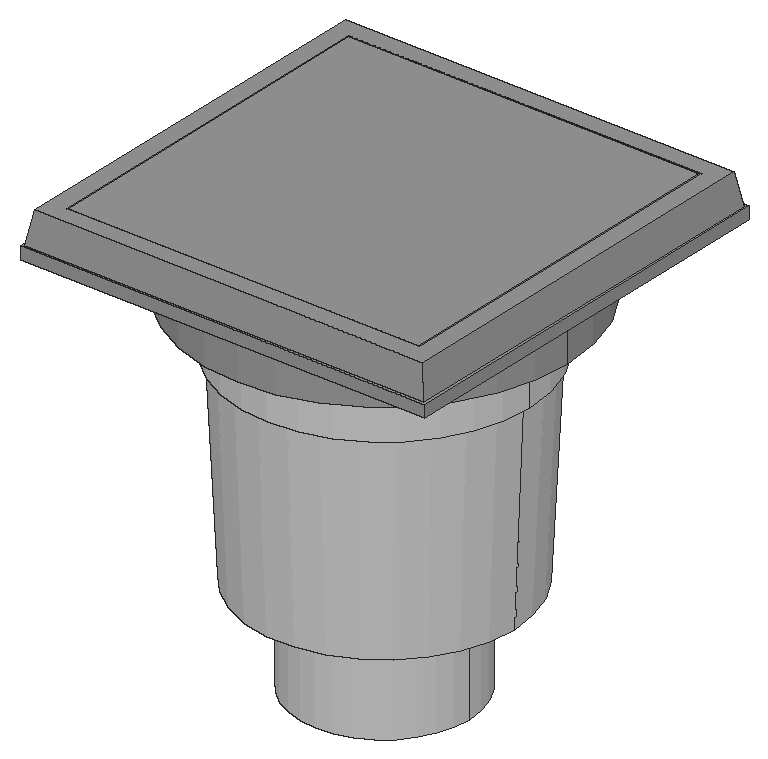
Revit family "HL_Дворовый трап серии Perfekt_HL606.1W", category Instalační zařizovací předměty, Revit 2016
Family settings
  Typ součásti = Normální
  Kóta kulaté spojky = Použít průměr
  Číslo OmniClass = 23.70.50.21.24.14
  Nadpis OmniClass = Deck Waste Water Drains
  Založené na pracovní rovině = Ne
  Vždy vertikální = Ano
  Ořezat dutým tvarem při načtení = Ne
  Sdílené = Ne
  Bod výpočtu místnosti = Ano
Parameters (values of type "HL_Дворовый трап серии Perfekt_HL606.1W_1")
  РЕШЁТКА = "Gusseisen 226 x 226 mm"
  РАЗМЕР = "DN110"
  ПРОПУСКНАЯ СПОСОБНОСТЬ [instance] = 0.0 L/s
  ПРОИЗВОДИТЕЛЬНОСТЬ = "2,1 l/s"
  ПРАВОВАЯ ИНФОРМАЦИЯ = "\"Авторские права(©), права на дизайн или какие либо другие права интелектуальной собственности являются исключительной собственностью компании HL Hutterer & Lechner. Изменению не подлежит. Файл семейства с данными о прозводителе изделия защищен паролем с водяным знаком.\""
  НОМИНАЛЬНЫЙ ДИАМЕТР = 110 mm
  НАСАДКА = "260 x 260 mm Guss"
  МАТЕРИАЛ = "PP"
  МАКСИМАЛЬНАЯ НАГРУЗКА КЛАССА = "M - 12,5 t"
  ВЫСОТА МОНТАЖА = "221 mm"
  ВЕС = "11,861 kg"
  Výrobce = "HL Hutterer & Lechner GmbH"
  URL = "http://www.hutterer-lechner.com/ru/products/catalog/roof-drains/HL606.1W/1.aspx"
  Материал плитка [instance] = none
  Připojení ventilace = no
  Připojení odpadu = yes
  Připojení HW = no
  Připojení CW = no
  Popis = "Дворовый трап серии Perfekt DN110 вертикальный"
  Model = "HL606.1W/1"
  Assembly Code = " "
  Komentáře k typům = "Дворовый трап серии Perfekt DN110 вертикальный 260х260мм/226х226мм чугун с водяным затвором."
  Keynote = "HL606.1W/1"
  IH [instance] = Высота монтажа 1 + Высота монтажа 2  # 0 mm
  Высота монтажа 2 [instance] = 0 mm
  Высота монтажа 1 [instance] = 0 mm
  G [instance] = 180.00°  # constant formula
  EAN = "9003076011193"
  D [instance] = IH + if(НОМИНАЛЬНЫЙ ДИАМЕТР = 160 mm, 190 mm, 185 mm)  # 185 mm
  C [instance] = if(IH - 68 mm < 0 mm, 0 mm, IH - 68 mm)  # 0 mm
  B [instance] = 100 mm
  A [instance] = if(B - 100 mm > 15 mm, B - 100 mm, 15 mm)  # 15 mm
Types (3, lengths in mm): name | РАЗМЕР | НОМИНАЛЬНЫЙ ДИАМЕТР | ВЕС | URL | Popis | Model | Komentáře k typům | Keynote | EAN | D
  (no name) | "DN110" | 110 | "11,861 kg" | "http://www.hutterer-lechner.com/ru/products/catalog/roof-drains/HL606.1W/1.aspx" | "Дворовый трап серии Perfekt DN110 вертикальный" | "HL606.1W/1" | "Дворовый трап серии Perfekt DN110 вертикальный 260х260мм/226х226мм чугун с водяным затвором." | "HL606.1W/1" | "9003076011193" | 185
  HL_Дворовый трап серии Perfekt_HL606.1W_1 | "DN110" | 110 | "11,861 kg" | "http://www.hutterer-lechner.com/ru/products/catalog/roof-drains/HL606.1W/1.aspx" | "Дворовый трап серии Perfekt DN110 вертикальный" | "HL606.1W/1" | "Дворовый трап серии Perfekt DN110 вертикальный 260х260мм/226х226мм чугун с водяным затвором." | "HL606.1W/1" | "9003076011193" | 185
  HL_Дворовый трап серии Perfekt_HL606.1W_5 | "DN160" | 160 | "11,867 kg" | "http://www.hutterer-lechner.com/ru/products/catalog/roof-drains/HL606.1W/5.aspx" | "Дворовый трап серии Perfekt DN160 вертикальный" | "HL606.1W/5" | "Дворовый трап серии Perfekt DN160 вертикальный 260х260мм/226х226мм чугун с водяным затвором." | "HL606.1W/5" | "9003076011179" | 190
Reference planes
  plane 1 "Center (Front/Back)": y = 0
  plane 2: z = 0
  plane 3 "Center (Left/Right)": x = 0
  plane 4: z = -100
  plane 5: z = 0
  plane 6: z = 0
Lines and regions (mm)
  model lines, style "InvisibleLines"
    curve 1: line (0, 0, 0) -> (0, 0, 20)
  model lines, style "PlumbingFixtures", detail levels coarse+medium
    curve 2: line (0, 0, -100) -> (0, 0, -85)
    curve 3: line (0, 0, -85) -> (-85, 0, 0)
    curve 4: line (0, 0, -85) -> (85, 0, 0)
    curve 6: line (0, 0, -100) -> (0, 0, -285)
  reference lines, not visible
    curve 5: line (0, 0, -100) -> (0, 0, -285)
  symbolic lines, style "PlumbingFixtures", detail levels coarse+medium
    curve 7: line (-75, 75, 0) -> (75, 75, 0)
    curve 8: line (-75, -75, 0) -> (-75, 75, 0)
    curve 9: line (75, -75, 0) -> (-75, -75, 0)
    curve 10: line (75, 75, 0) -> (75, -75, 0)
    curve 11: line (-75, 75, 0) -> (-145.711, 145.711, 0)
    curve 12: line (75, 75, 0) -> (145.711, 145.711, 0)
    curve 13: line (-75, -75, 0) -> (-145.711, -145.711, 0)
    curve 14: line (75, -75, 0) -> (145.711, -145.711, 0)
  symbolic lines, style "PlumbingFixtures", not visible, detail levels coarse+medium
    curve 15: line (-75, 75, 0) -> (75, 75, 0)
    curve 16: line (-75, -75, 0) -> (-75, 75, 0)
    curve 17: line (75, -75, 0) -> (-75, -75, 0)
    curve 18: line (75, 75, 0) -> (75, -75, 0)
    curve 19: line (-75, 75, 0) -> (-145.711, 145.711, 0)
    curve 20: line (75, 75, 0) -> (145.711, 145.711, 0)
    curve 21: line (-75, -75, 0) -> (-145.711, -145.711, 0)
    curve 22: line (75, -75, 0) -> (145.711, -145.711, 0)
Text (mm)
  text "FLOOR" at (-162.344, 0, -10.979), in view "Слева"
Dimensions and locks
  "B": plane 2 to plane 4
  "IH": plane 2 to plane 5
  "A": curve 4 to plane 4
  "D": curve 5 to curve 5
  "D": curve 6 to curve 6
  "Высота монтажа 1": plane 2 to plane 6
  locked: curve 4 to plane 3 "Center (Left/Right)" (angle 45.00°)
  locked: plane 3 "Center (Left/Right)" to curve 3 (angle 45.00°)
  "G": angle curve 5 to plane 3 "Center (Left/Right)"
  aligned and locked: level to plane 2
  aligned and locked: plane 2 to curve 4
  aligned and locked: plane 2 to curve 3
  aligned and locked: plane 4 to curve 5
  aligned and locked: plane 3 "Center (Left/Right)" to curve 5
  aligned and locked: plane 4 to curve 2
  aligned and locked: plane 3 "Center (Left/Right)" to curve 6
  aligned and locked: plane 4 to curve 6
  aligned and locked: nested 1 to plane 3 "Center (Left/Right)"
  aligned and locked: plane 5 to nested 1
  aligned and locked: plane 3 "Center (Left/Right)" to nested 2
  aligned and locked: plane 2 to nested 2
  aligned and locked: plane 3 "Center (Left/Right)" to nested 3
  aligned and locked: nested 1 to nested 3
  aligned and locked: plane 3 "Center (Left/Right)" to nested 4
  aligned and locked: nested 1 to nested 4
Automatic sketch dimensions
  curve 2 to plane 3 "Center (Left/Right)" = 0 mm
  curve 1 to plane 3 "Center (Left/Right)" = 0 mm
  curve 1 to level = 0 mm
  curve 1 to curve 1 = 20 mm
Nested families
  nested 1: "HL-кровельные воронки - корпус-HL606.1K" at (0, 0, 0), type "HL-кровельные воронки - корпус-HL606.1K_1"
  nested 2: "HL-Решетка для сливного отверстия-HL0606.1E" at (0, 0, 0), type "HL-Решетка для сливного отверстия-HL0606.1E"
  nested 3: "HL-Песколовка-HL0606.2E" at (0, 0, -19.999), type "HL-Песколовка-HL0606.2E"
  nested 4: "HL-Вкладыш запахозапирающий-HL0605.2E" at (0, 0, -88), type "HL-Вкладыш запахозапирающий-HL0605.2E"
Connectors
  piping at (0, 0, -285), diameter 110, driven by "ПРОПУСКНАЯ СПОСОБНОСТЬ", driven by "НОМИНАЛЬНЫЙ ДИАМЕТР"
    settings: on curve 5, index 1, connector inside diameter 609.6 mm, connector length 0 mm, flow factor 0, pipe flow 0.0 L/s, pressure drop 0.0 Pa, fitting loss kfactor 0, connector angle 0.00°, fixture units 0, engagement length 0 mm, angle of deflection 0.00°, flow configuration 1, flow direction 2, fitting loss method 0, system type 16, joint type 0, gender type 0, connector reference index -1, connector utility 0, adjustable connector yes, is connector primary yes, connector description ""
Definition of nested family "HL-кровельные воронки - корпус-HL606.1K"
  Parameters (values of type "HL-кровельные воронки - корпус-HL606.1K_1")
    РАЗМЕР = "DN110"
    ПРАВОВАЯ ИНФОРМАЦИЯ = "\"Авторские права(©), права на дизайн или какие либо другие права интелектуальной собственности являются исключительной собственностью компании HL Hutterer & Lechner. Изменению не подлежит. Файл семейства с данными о прозводителе изделия защищен паролем с водяным знаком.\""
    НОМИНАЛЬНЫЙ ДИАМЕТР = 110 mm
    НАСАДКА = "260 x 260 mm Guss"
    МАТЕРИАЛ = "PP"
    ВЫСОТА МОНТАЖА = "221 mm"
    ВЕС = "6,39 kg"
    a = if(НОМИНАЛЬНЫЙ ДИАМЕТР = 110 mm, 62 mm, if(НОМИНАЛЬНЫЙ ДИАМЕТР = 160 mm, 67 mm, 0 mm))  # 62 mm
    Height = 0 mm
    Manufacturer = "HL Hutterer & Lechner GmbH"
    URL = "http://www.hutterer-lechner.com/ru/products/catalog/roof-drains/HL606.1K/1.aspx"
    Description = "Дворовый трап серии Perfekt DN110 вертикальный"
    ND = НОМИНАЛЬНЫЙ ДИАМЕТР / 2  # 55 mm
    Model = "HL606.1K/1"
    материал 2 = none
    материал = none
    Type Comments = "Корпус дворового трапа DN110 вертикальный 260х260мм чугун"
    Keynote = "HL606.1K/1"
    EAN = "9003076012824"
    Cost = 0
  Types (3, lengths in mm): name | РАЗМЕР | ВЕС | URL | Description | Model | Type Comments | Keynote | EAN
    (no name) | "" | "" | "" | "" | "" | "" | "" | ""
    HL-кровельные воронки - корпус-HL606.1K_1 | "DN110" | "6,39 kg" | "http://www.hutterer-lechner.com/ru/products/catalog/roof-drains/HL606.1K/1.aspx" | "Дворовый трап серии Perfekt DN110 вертикальный" | "HL606.1K/1" | "Корпус дворового трапа DN110 вертикальный 260х260мм чугун" | "HL606.1K/1" | "9003076012824"
    HL-кровельные воронки - корпус-HL606.1K_5 | "DN160" | "5,592 kg" | "http://www.hutterer-lechner.com/ru/products/catalog/roof-drains/HL606.1K/5.aspx" | "Дворовый трап серии Perfekt DN160 вертикальный" | "HL606.1K/5" | "Корпус дворового трапа DN160 вертикальный 260х260мм чугун" | "HL606.1K/5" | "9003076012800"
  Values of the unnamed type that differ from the named types
    ПРАВОВАЯ ИНФОРМАЦИЯ = ""
    НАСАДКА = ""
    МАТЕРИАЛ = ""
    ВЫСОТА МОНТАЖА = ""
    Manufacturer = ""
  Reference planes
    plane 1 "Střed (vpředu/vzadu)": y = 0
    plane 2: z = 0
    plane 3 "Střed (vlevo/vpravo)": x = 0
    plane 4: z = -223
  Forms (mm)
    Revolve 1, solid, material <- "материал", detail levels fine
      sketch origin (0, 0, 0) x (1, 0, 0) y (0, 0, 1)
        loop
          line (0, -223) -> (83.62, -223) -> (89.953, -92) -> (93.491, -92) -> (93.491, -60.562) -> (89.75, -60.562) -> (89.75, -88) -> (86.021, -88) -> (79.688, -219) -> (0, -219) -> (0, -223)
        axis (0, -223) -> (0, -60.562)
      angle from 0 to 360
    Extrusion 2, solid, material <- "материал 2", detail levels fine
      sketch origin (0, 0, 0) x (1, 0, 0) y (0, 1, 0)
        loop
          line (130, -130) -> (130, 130) -> (-130, 130) -> (-130, -130) -> (130, -130)
        loop
          circle (0, 0) r 100.484
      from -28 to -20
    Revolve 3, solid, material <- "материал", detail levels fine
      sketch origin (0, 0, 0) x (1, 0, 0) y (0, 0, 1)
        loop
          line (0, -285) -> (55, -285) -> (55, -223) -> (0, -223) -> (0, -285)
        axis (0, -223) -> (0, -285)
      angle from 0 to 360
    Revolve 4, solid, material <- "материал 2", detail levels fine
      sketch origin (0, 0, 0) x (1, 0, 0) y (0, 0, 1)
        loop
          line (102.25, -58.2) -> (117.838, -58.2) -> (117.838, -28) -> (98.927, -28) -> (98.927, -50) -> (89.75, -50) -> (89.75, -60.562) -> (102.25, -60.562) -> (102.25, -58.2)
        axis (0, -60.562) -> (0, -28)
      angle from 0 to 360
    Blend 5, solid, material <- "материал 2", detail levels fine
      base sketch origin (0, 0, 0) x (1, 0, 0) y (0, 1, 0)
        loop
          line (-128.315, -128.315) -> (128.315, -128.315) -> (128.315, 128.315) -> (-128.315, 128.315) -> (-128.315, -128.315)
      top sketch origin (0, 0, 0) x (1, 0, 0) y (0, 1, 0)
        loop
          line (124.788, 124.788) -> (-124.788, 124.788) -> (-124.788, -124.788) -> (124.788, -124.788) -> (124.788, 124.788)
      from -20 to 0
    Extrusion 6, void
      sketch origin (0, 0, 0) x (1, 0, 0) y (0, 1, 0)
        loop
          line (-113.468, -113.468) -> (113.468, -113.468) -> (113.468, 113.468) -> (-113.468, 113.468) -> (-113.468, -113.468)
      from -20 to 19.87
  Cuts and joins
    Extrusion 6 cuts Blend 5
  Dimensions and locks
    plane 2 to plane 4 = 223 mm
    "a": plane 4 to Revolve 3 sketch curve
    "ND": Revolve 3 sketch curve to plane 3 "Střed (vlevo/vpravo)"
    aligned and locked: level to plane 2
    aligned and locked: Revolve 3 sketch curve to plane 4
  Automatic sketch dimensions
    Revolve 1 sketch curve to plane 3 "Střed (vlevo/vpravo)" = 0 mm  (x2)
    Revolve 1 sketch curve to plane 4 = 0 mm
    Revolve 1 sketch curve to level = 0 mm
    plane 4 to Revolve 1 sketch curve = 4 mm
    plane 3 "Střed (vlevo/vpravo)" to Revolve 1 sketch curve = 79.688 mm
    Revolve 1 sketch curve to Revolve 1 sketch curve = 3.931 mm
    plane 3 "Střed (vlevo/vpravo)" to Revolve 1 sketch curve = 86.021 mm
    Revolve 1 sketch curve to Revolve 1 sketch curve = 3.729 mm
    Revolve 1 sketch curve to Revolve 1 sketch curve = 0.203 mm
    Revolve 1 sketch curve to Revolve 1 sketch curve = 3.538 mm
    Revolve 1 sketch curve to level = 92 mm
    Revolve 1 sketch curve to Revolve 1 sketch curve = 4 mm
    Revolve 1 sketch curve to Revolve 1 sketch curve = 27.438 mm
    level to Revolve 1 sketch curve = 19.057 mm
    Revolve 4 sketch curve to level = 0 mm
    Revolve 4 sketch curve to plane 3 "Střed (vlevo/vpravo)" = 0 mm
    plane 3 "Střed (vlevo/vpravo)" to Revolve 4 sketch curve = 89.75 mm
    Revolve 4 sketch curve to Revolve 4 sketch curve = 9.177 mm
    Revolve 4 sketch curve to Revolve 4 sketch curve = 3.323 mm
    Revolve 4 sketch curve to Revolve 4 sketch curve = 15.588 mm
    Revolve 4 sketch curve to level = 28 mm
    Revolve 4 sketch curve to Revolve 4 sketch curve = 22 mm
    Revolve 4 sketch curve to Revolve 4 sketch curve = 8.2 mm
    Revolve 4 sketch curve to Revolve 4 sketch curve = 10.562 mm
    level to Revolve 4 sketch curve = 65 mm
    plane 1 "Střed (vpředu/vzadu)" to Extrusion 2 sketch curve = 0 mm
    Extrusion 2 sketch curve to plane 3 "Střed (vlevo/vpravo)" = 0 mm
    Extrusion 2 sketch curve to plane 3 "Střed (vlevo/vpravo)" = 130 mm
    plane 3 "Střed (vlevo/vpravo)" to Extrusion 2 sketch curve = 130 mm
    plane 1 "Střed (vpředu/vzadu)" to Extrusion 2 sketch curve = 130 mm
    Extrusion 2 sketch curve to plane 1 "Střed (vpředu/vzadu)" = 130 mm
    Blend 5 sketch curve to plane 3 "Střed (vlevo/vpravo)" = 128.315 mm
    plane 3 "Střed (vlevo/vpravo)" to Blend 5 sketch curve = 128.315 mm
    plane 1 "Střed (vpředu/vzadu)" to Blend 5 sketch curve = 128.315 mm
    Blend 5 sketch curve to plane 1 "Střed (vpředu/vzadu)" = 128.315 mm
    Blend 5 sketch curve to plane 3 "Střed (vlevo/vpravo)" = 124.788 mm
    plane 3 "Střed (vlevo/vpravo)" to Blend 5 sketch curve = 124.788 mm
    plane 1 "Střed (vpředu/vzadu)" to Blend 5 sketch curve = 124.788 mm
    Blend 5 sketch curve to plane 1 "Střed (vpředu/vzadu)" = 124.788 mm
    Extrusion 6 sketch curve to plane 3 "Střed (vlevo/vpravo)" = 113.468 mm
    plane 3 "Střed (vlevo/vpravo)" to Extrusion 6 sketch curve = 113.468 mm
    plane 1 "Střed (vpředu/vzadu)" to Extrusion 6 sketch curve = 113.468 mm
    Extrusion 6 sketch curve to plane 1 "Střed (vpředu/vzadu)" = 113.468 mm
    Revolve 3 sketch curve to plane 3 "Střed (vlevo/vpravo)" = 0 mm
    plane 3 "Střed (vlevo/vpravo)" to Revolve 3 sketch curve = 0 mm
    Revolve 3 sketch curve to Revolve 3 sketch curve = 26 mm
    Revolve 3 sketch curve to Revolve 3 sketch curve = 105 mm
    radius of Extrusion 2 sketch curve = 100.484 mm
Definition of nested family "HL-Решетка для сливного отверстия-HL0606.1E"
  Parameters
    РАЗМЕР = ""
    ПРАВОВАЯ ИНФОРМАЦИЯ = ""
    МАТЕРИАЛ = ""
    МАКСИМАЛЬНАЯ НАГРУЗКА КЛАССА = ""
    ВЕС = ""
    Manufacturer = ""
    URL = ""
    Description = ""
    Model = ""
    материал = none
    Type Comments = ""
    Keynote = ""
    EAN = ""
    Cost = 0
  Types (2, lengths in mm): name | РАЗМЕР | ПРАВОВАЯ ИНФОРМАЦИЯ | МАТЕРИАЛ | МАКСИМАЛЬНАЯ НАГРУЗКА КЛАССА | ВЕС | Manufacturer | URL | Description | Model | Type Comments | Keynote | EAN
    (no name) | "" | "" | "" | "" | "" | "" | "" | "" | "" | "" | "" | ""
    HL-Решетка для сливного отверстия-HL0606.1E | "226x226mm" | "\"Авторские права(©), права на дизайн или какие либо другие права интелектуальной собственности являются исключительной собственностью компании HL Hutterer & Lechner. Изменению не подлежит. Файл семейства с данными о прозводителе изделия защищен паролем с водяным знаком.\"" | "Gusseisen" | "B - 12,5 t (aussen)" | "6,046 kg" | "HL Hutterer & Lechner GmbH" | "http://www.hutterer-lechner.com/ru/products/catalog/roof-drains/HL0606.1E.aspx" | "Решетка для сливного отверстия" | "HL0606.1E" | "Чугунная решетка для сливного отверстия 226х226мм" | "HL0606.1E" | "9003076060610"
  Reference planes
    plane 1 "Střed (vpředu/vzadu)": y = 0
    plane 2: z = 0
    plane 3 "Střed (vlevo/vpravo)": x = 0
  Forms (mm)
    Extrusion 1, solid, material <- "материал", detail levels fine
      sketch origin (0, 0, 0) x (1, 0, 0) y (0, 1, 0)
        loop
          line (112.5, 112.5) -> (-112.5, 112.5) -> (-112.5, -112.5) -> (112.5, -112.5) -> (112.5, 112.5)
      from 0 to -20.1
  Lines and regions (mm)
    model lines, detail levels fine
      curve 1: line (80.964, 45.608, 0) -> (46.315, 10.96, 0)
      curve 2: line (10.96, 46.315, 0) -> (45.608, 80.964, 0)
      curve 3: line (21.567, 35.709, 0) -> (56.215, 70.357, 0)
      curve 4: line (35.709, 21.567, 0) -> (70.357, 56.215, 0)
      curve 5: arc (80.964, 45.608, 0) -> (80.964, 56.215, 0) -> (70.357, 56.215, 0) r 7.5
      curve 6: arc (56.215, 70.357, 0) -> (56.215, 80.964, 0) -> (45.608, 80.964, 0) r 7.5
      curve 7: arc (21.567, 35.709, 0) -> (10.96, 35.709, 0) -> (10.96, 46.315, 0) r 7.5
      curve 8: arc (46.315, 10.96, 0) -> (35.709, 10.96, 0) -> (35.709, 21.567, 0) r 7.5
      curve 9: line (80.964, -45.608, 0) -> (46.315, -10.96, 0)
      curve 10: line (10.96, -46.315, 0) -> (45.608, -80.964, 0)
      curve 11: line (21.567, -35.709, 0) -> (56.215, -70.357, 0)
      curve 12: line (35.709, -21.567, 0) -> (70.357, -56.215, 0)
      curve 13: arc (80.964, -45.608, 0) -> (80.964, -56.215, 0) -> (70.357, -56.215, 0) r 7.5
      curve 14: arc (56.215, -70.357, 0) -> (56.215, -80.964, 0) -> (45.608, -80.964, 0) r 7.5
      curve 15: arc (21.567, -35.709, 0) -> (10.96, -35.709, 0) -> (10.96, -46.315, 0) r 7.5
      curve 16: arc (46.315, -10.96, 0) -> (35.709, -10.96, 0) -> (35.709, -21.567, 0) r 7.5
      curve 17: line (-80.964, 45.608, 0) -> (-46.315, 10.96, 0)
      curve 18: line (-10.96, 46.315, 0) -> (-45.608, 80.964, 0)
      curve 19: line (-21.567, 35.709, 0) -> (-56.215, 70.357, 0)
      curve 20: line (-35.709, 21.567, 0) -> (-70.357, 56.215, 0)
      curve 21: arc (-80.964, 45.608, 0) -> (-80.964, 56.215, 0) -> (-70.357, 56.215, 0) r 7.5
      curve 22: arc (-56.215, 70.357, 0) -> (-56.215, 80.964, 0) -> (-45.608, 80.964, 0) r 7.5
      curve 23: arc (-21.567, 35.709, 0) -> (-10.96, 35.709, 0) -> (-10.96, 46.315, 0) r 7.5
      curve 24: arc (-46.315, 10.96, 0) -> (-35.709, 10.96, 0) -> (-35.709, 21.567, 0) r 7.5
      curve 25: line (-80.964, -45.608, 0) -> (-46.315, -10.96, 0)
      curve 26: line (-10.96, -46.315, 0) -> (-45.608, -80.964, 0)
      curve 27: line (-21.567, -35.709, 0) -> (-56.215, -70.357, 0)
      curve 28: line (-35.709, -21.567, 0) -> (-70.357, -56.215, 0)
      curve 29: arc (-80.964, -45.608, 0) -> (-80.964, -56.215, 0) -> (-70.357, -56.215, 0) r 7.5
      curve 30: arc (-56.215, -70.357, 0) -> (-56.215, -80.964, 0) -> (-45.608, -80.964, 0) r 7.5
      curve 31: arc (-21.567, -35.709, 0) -> (-10.96, -35.709, 0) -> (-10.96, -46.315, 0) r 7.5
      curve 32: arc (-46.315, -10.96, 0) -> (-35.709, -10.96, 0) -> (-35.709, -21.567, 0) r 7.5
      curve 33: line (7.5, 92, 0) -> (7.5, 72.5, 0)
      curve 34: line (-7.5, 92, 0) -> (-7.5, 72.5, 0)
      curve 35: arc (7.5, 92, 0) -> (0, 99.5, 0) -> (-7.5, 92, 0) r 7.5
      curve 36: arc (7.5, 72.5, 0) -> (0, 65, 0) -> (-7.5, 72.5, 0) r 7.5
      curve 37: line (92, 7.5, 0) -> (72.5, 7.5, 0)
      curve 38: line (92, -7.5, 0) -> (72.5, -7.5, 0)
      curve 39: arc (92, 7.5, 0) -> (99.5, 0, 0) -> (92, -7.5, 0) r 7.5
      curve 40: arc (72.5, 7.5, 0) -> (65, 0, 0) -> (72.5, -7.5, 0) r 7.5
      curve 41: line (-92, 7.5, 0) -> (-72.5, 7.5, 0)
      curve 42: line (-92, -7.5, 0) -> (-72.5, -7.5, 0)
      curve 43: arc (-92, 7.5, 0) -> (-99.5, 0, 0) -> (-92, -7.5, 0) r 7.5
      curve 44: arc (-72.5, 7.5, 0) -> (-65, 0, 0) -> (-72.5, -7.5, 0) r 7.5
      curve 45: line (7.5, -92, 0) -> (7.5, -72.5, 0)
      curve 46: line (-7.5, -92, 0) -> (-7.5, -72.5, 0)
      curve 47: arc (7.5, -92, 0) -> (0, -99.5, 0) -> (-7.5, -92, 0) r 7.5
      curve 48: arc (7.5, -72.5, 0) -> (0, -65, 0) -> (-7.5, -72.5, 0) r 7.5
  Dimensions and locks
    aligned and locked: level to plane 2
Definition of nested family "HL-Песколовка-HL0606.2E"
  Parameters (values of type "HL-Песколовка-HL0606.2E")
    ПРАВОВАЯ ИНФОРМАЦИЯ = "\"Авторские права(©), права на дизайн или какие либо другие права интелектуальной собственности являются исключительной собственностью компании HL Hutterer & Lechner. Изменению не подлежит. Файл семейства с данными о прозводителе изделия защищен паролем с водяным знаком.\""
    МАТЕРИАЛ = "PP"
    ВЕС = "0,09 kg"
    Manufacturer = "HL Hutterer & Lechner GmbH"
    URL = "http://www.hutterer-lechner.com/ru/products/catalog/roof-drains/HL0606.2E.aspx"
    Description = "Песколовка"
    Model = "HL0606.2E"
    материал = none
    Type Comments = "Песколовка"
    Keynote = "HL0606.2E"
    EAN = "9003076060627"
    Cost = 0
  Values of the unnamed type that differ from the named types
    ПРАВОВАЯ ИНФОРМАЦИЯ = ""
    МАТЕРИАЛ = ""
    ВЕС = ""
    Manufacturer = ""
    URL = ""
    Description = ""
    Model = ""
    Type Comments = ""
    Keynote = ""
    EAN = ""
  Reference planes
    plane 1 "Střed (vpředu/vzadu)": y = 0
    plane 2: z = 0
    plane 3 "Střed (vlevo/vpravo)": x = 0
  Forms (mm)
    Revolve 1, solid, material <- "материал", detail levels fine
      sketch origin (0, 0, 0) x (1, 0, 0) y (0, 0, 1)
        loop
          line (0, -55.952) -> (0, -58.018) -> (57.601, -56.006)
          arc (57.601, -56.006) -> (65.932, -53.053) -> (69.532, -44.98) r 11.208
          line (69.532, -44.98) -> (72.482, -41.586) -> (75.031, -12.448) -> (75.865, -6.515)
          arc (75.865, -6.515) -> (76.428, -5.156) -> (77.786, -4.594) r 1.921
          line (77.786, -4.594) -> (95.979, -3.002) -> (95.979, -0.001) -> (73.246, -1.99) -> (69.436, -41.391) -> (67.501, -43.326)
          arc (67.501, -43.326) -> (65.111, -51.02) -> (57.603, -53.94) r 9.273
          line (57.603, -53.94) -> (0, -55.952)
        axis (0, -58.018) -> (0, -0.001)
      angle from 0 to 360
  Dimensions and locks
    aligned and locked: level to plane 2
Definition of nested family "HL-Вкладыш запахозапирающий-HL0605.2E"
  Parameters
    ПРАВОВАЯ ИНФОРМАЦИЯ = ""
    МАТЕРИАЛ = ""
    ВЕС = ""
    Manufacturer = ""
    URL = ""
    Description = ""
    Model = ""
    материал 2 = none
    материал = none
    Type Comments = ""
    Keynote = ""
    EAN = ""
    Cost = 0
  Types (2, lengths in mm): name | ПРАВОВАЯ ИНФОРМАЦИЯ | МАТЕРИАЛ | ВЕС | Manufacturer | URL | Description | Model | Type Comments | Keynote | EAN
    (no name) | "" | "" | "" | "" | "" | "" | "" | "" | "" | ""
    HL-Вкладыш запахозапирающий-HL0605.2E | "\"Авторские права(©), права на дизайн или какие либо другие права интелектуальной собственности являются исключительной собственностью компании HL Hutterer & Lechner. Изменению не подлежит. Файл семейства с данными о прозводителе изделия защищен паролем с водяным знаком.\"" | "PP" | "0,192 kg" | "HL Hutterer & Lechner GmbH" | "http://www.hutterer-lechner.com/ru/products/catalog/roof-drains/HL0605.2E.aspx" | "Вкладыш запахозапирающий" | "HL0605.2E" | "Вкладыш водяного затвора комплектный" | "HL0605.2E" | "9003076009725"
  Reference planes
    plane 1 "Střed (vpředu/vzadu)": y = 0
    plane 2: z = 0
    plane 3 "Střed (vlevo/vpravo)": x = 0
  Forms (mm)
    Revolve 1, solid, material <- "материал 2", detail levels fine
      sketch origin (0, 0, 0) x (1, 0, 0) y (0, 0, 1)
        loop
          line (88, -3) -> (88, 0) -> (82.921, 0) -> (82.921, -1.338) -> (78.867, -6.169) -> (78.867, -19.629) -> (76.315, -48.796)
          arc (76.315, -48.796) -> (75.558, -51.125) -> (73.796, -52.827) r 5.066
          line (73.796, -52.827) -> (58.029, -61.938) -> (58.029, -93.034) -> (53.399, -98) -> (41.859, -98) -> (41.859, -83.043) -> (45.35, -83.043) -> (45.35, -33) -> (29.878, -33) -> (29.878, -100) -> (52.94, -100)
          arc (52.94, -100) -> (57.932, -97.932) -> (60, -92.939) r 7.061
          line (60, -92.939) -> (60, -65.894)
          arc (60, -65.894) -> (60.671, -63.394) -> (62.5, -61.564) r 5.003
          line (62.5, -61.564) -> (74.706, -54.511)
          arc (74.706, -54.511) -> (77.106, -52.212) -> (78.174, -49.065) r 6.994
          line (78.174, -49.065) -> (81.088, -15.754) -> (83.996, -15.499) -> (83.996, -12.378)
          arc (83.996, -12.378) -> (85.775, -10) -> (83.996, -7.623) r 2.478
          line (83.996, -7.623) -> (83.996, -3) -> (88, -3)
        axis (0, 0) -> (0, -100)
      angle from 0 to 360
    Revolve 2, solid, material <- "материал", detail levels fine
      sketch origin (0, 0, 0) x (1, 0, 0) y (0, 0, 1)
        loop
          line (47.229, -83.043) -> (47.229, -28.043)
          arc (47.229, -28.043) -> (43.63, -19.353) -> (34.94, -15.754) r 12.289
          line (34.94, -15.754) -> (0, -15.754) -> (0, -48.796) -> (45.35, -48.796) -> (45.35, -83.043) -> (47.229, -83.043)
        axis (0, -83.043) -> (0, -15.754)
      angle from 0 to 360
  Dimensions and locks
    aligned and locked: level to plane 2
